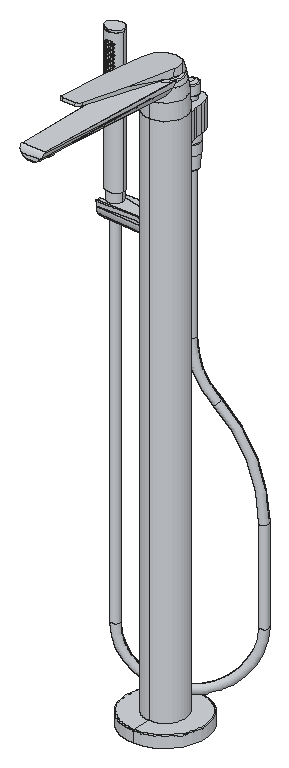
Revit family "Faucet-Bath_Filler-KOHLER-Avid-K-T97367", category Plumbing Fixtures, host Face, Revit 2015 (continued)
Definition of nested family "K-T97367"
  Lines and regions (in)
    symbolic lines, detail levels medium+fine
      curve 129: line (0, 0.634, 27.05701) -> (0, 0.63139, 26.95575)
      curve 130: arc (0, 0.60516, 27.08768) -> (0, 0.62588, 27.07827) -> (0, 0.634, 27.05701) r 0.02992
      curve 131: arc (0, -0.634, 27.05712) -> (0, -0.62592, 27.0783) -> (0, -0.60527, 27.08768) r 0.02981
      curve 132: arc (0, 0.21895, 25.97179) -> (0, 0.34376, 26.02891) -> (0, 0.45484, 26.10956) r 0.69138
      curve 133: arc (0, -0.45484, 26.10956) -> (0, -0.37228, 26.0468) -> (0, -0.28105, 25.99748) r 0.67229
      curve 134: arc (0, 0.21895, 4.45381) -> (0, 0.29361, 3.54144) -> (0, 0.51562, 2.65335) r 5.61167
      curve 135: arc (0, 0.51562, 2.65335) -> (0, 0.72771, 2.17245) -> (0, 1.02136, 1.73656) r 2.96522
      curve 136: arc (0, 1.02136, 1.73656) -> (0, 1.09868, 1.64689) -> (0, 1.18123, 1.56202) r 1.97502
      curve 137: arc (0, -0.28105, 4.46096) -> (0, -0.26789, 4.05177) -> (0, -0.22846, 3.64428) r 6.36707
      curve 138: arc (0, -0.22846, 3.64428) -> (0, -0.10387, 2.9892) -> (0, 0.09738, 2.35347) r 5.62381
      curve 139: arc (0, 0.09738, 2.35347) -> (0, 0.25346, 2.00488) -> (0, 0.44693, 1.67556) r 3.46856
      curve 140: arc (0, 0.44693, 1.67556) -> (0, 0.58974, 1.47733) -> (0, 0.74723, 1.29053) r 3.2095
      curve 141: arc (0, 0.74723, 1.29053) -> (0, 0.95088, 1.09834) -> (0, 1.18123, 0.93912) r 1.84838
      curve 142: line (0, 0.26399, 26.10854) -> (0, 0.26399, 27.08768)
      curve 143: line (0, -0.34222, 26.15336) -> (0, -0.34222, 27.08768)
      curve 144: line (0, -0.28105, 27.08768) -> (0, -1.18123, 27.08768)
      curve 145: line (0, 0.48089, 35.53402) -> (0, 0.48089, 32.59566)
      curve 146: line (0, 0.48089, 32.59566) -> (0, 0.45015, 32.59566)
      curve 147: line (0, 0.45015, 32.59566) -> (0, 0.45015, 32.54195)
      curve 148: line (0, 0.45015, 32.54195) -> (0, 0.48089, 32.54195)
      curve 149: line (0, 0.48089, 32.54195) -> (0, 0.48089, 27.7862)
      curve 150: line (0, 0.48089, 27.7862) -> (0, 0.44852, 27.7862)
      curve 151: line (0, 0.44852, 27.7862) -> (0, 0.44852, 27.08768)
      curve 152: line (0, -0.48089, 33.08118) -> (0, -0.48089, 32.59566)
      curve 153: line (0, -0.48089, 32.59566) -> (0, -0.45015, 32.59566)
      curve 154: line (0, -0.45015, 32.59566) -> (0, -0.45015, 32.54195)
      curve 155: line (0, -0.45015, 32.54195) -> (0, -0.48089, 32.54195)
      curve 156: line (0, -0.48089, 32.54195) -> (0, -0.48089, 27.7862)
      curve 157: line (0, -0.48089, 27.7862) -> (0, -0.44852, 27.7862)
      curve 158: line (0, -0.44852, 27.7862) -> (0, -0.44852, 27.08768)
      curve 159: line (0, 0.21895, 27.08768) -> (0, -0.28105, 27.08768)
      curve 160: line (0, 0.44852, 27.7862) -> (0, -0.44852, 27.7862)
      curve 161: line (0, 0.70451, 35.07624) -> (0, 0.48089, 35.11484)
      curve 162: line (0, -0.62031, 35.30493) -> (0, -0.52095, 35.28778)
      curve 163: line (0, 0.45015, 32.59566) -> (0, -0.45015, 32.59566)
      curve 164: line (0, 0.45015, 32.54195) -> (0, -0.45015, 32.54195)
      curve 165: line (0, 0.44805, 36.28316) -> (0, -0.44805, 36.28316)
      curve 166: line (0, 0.44805, 36.22945) -> (0, -0.44805, 36.22945)
      curve 167: line (0, 0.73702, 34.95551) -> (0, 0.48089, 34.99972)
      curve 168: line (0, -0.73702, 34.95551) -> (0, -0.52095, 34.95551)
      curve 169: spline (0, -0.48719, 35.73045) -> (0, -0.48766, 35.74714) -> (0, -0.48878, 35.76265) -> (0, -0.49047, 35.77596) -> (0, -0.49263, 35.78616) -> (0, -0.4951, 35.79257) -> (0, -0.49772, 35.79476) -> (0, -0.50032, 35.79259) -> (0, -0.50272, 35.7862) -> (0, -0.50476, 35.77602) -> (0, -0.5063, 35.76273) -> (0, -0.50724, 35.74722) -> (0, -0.50752, 35.73054)
      curve 170: spline (0, -0.50752, 35.73054) -> (0, -0.50718, 35.71385) -> (0, -0.50618, 35.69832) -> (0, -0.50459, 35.68501) -> (0, -0.50252, 35.6748) -> (0, -0.50009, 35.66839) -> (0, -0.49748, 35.66619) -> (0, -0.49487, 35.66836) -> (0, -0.49242, 35.67476) -> (0, -0.4903, 35.68495) -> (0, -0.48866, 35.69825) -> (0, -0.4876, 35.71376) -> (0, -0.48719, 35.73045)
      curve 171: spline (0, -0.45089, 35.62973) -> (0, -0.45198, 35.64682) -> (0, -0.45434, 35.66261) -> (0, -0.45782, 35.67608) -> (0, -0.4622, 35.68637) -> (0, -0.4672, 35.69282) -> (0, -0.47249, 35.69501) -> (0, -0.47774, 35.69281) -> (0, -0.48261, 35.68635) -> (0, -0.48679, 35.67606) -> (0, -0.49001, 35.66258) -> (0, -0.49206, 35.64679) -> (0, -0.49282, 35.6297)
      curve 172: spline (0, -0.49282, 35.6297) -> (0, -0.49189, 35.61263) -> (0, -0.48968, 35.59687) -> (0, -0.48633, 35.58343) -> (0, -0.48205, 35.57316) -> (0, -0.47712, 35.56673) -> (0, -0.47185, 35.56454) -> (0, -0.46659, 35.56674) -> (0, -0.46166, 35.57318) -> (0, -0.45738, 35.58345) -> (0, -0.45403, 35.5969) -> (0, -0.45182, 35.61266) -> (0, -0.45089, 35.62973)
      curve 173: spline (0, -0.48719, 35.53398) -> (0, -0.48766, 35.55066) -> (0, -0.48878, 35.56618) -> (0, -0.49047, 35.57948) -> (0, -0.49263, 35.58968) -> (0, -0.4951, 35.5961) -> (0, -0.49772, 35.59829) -> (0, -0.50032, 35.59612) -> (0, -0.50272, 35.58973) -> (0, -0.50476, 35.57954) -> (0, -0.5063, 35.56625) -> (0, -0.50724, 35.55075) -> (0, -0.50752, 35.53407)
      curve 174: spline (0, -0.50752, 35.53407) -> (0, -0.50718, 35.51737) -> (0, -0.50618, 35.50185) -> (0, -0.50459, 35.48854) -> (0, -0.50252, 35.47833) -> (0, -0.50009, 35.47191) -> (0, -0.49748, 35.46972) -> (0, -0.49487, 35.47189) -> (0, -0.49242, 35.47828) -> (0, -0.4903, 35.48847) -> (0, -0.48866, 35.50177) -> (0, -0.4876, 35.51729) -> (0, -0.48719, 35.53398)
      curve 175: spline (0, -0.4932, 35.43048) -> (0, -0.49228, 35.44754) -> (0, -0.49009, 35.4633) -> (0, -0.48677, 35.47674) -> (0, -0.48254, 35.487) -> (0, -0.47765, 35.49344) -> (0, -0.47243, 35.49562) -> (0, -0.46721, 35.49343) -> (0, -0.46232, 35.48698) -> (0, -0.45808, 35.47671) -> (0, -0.45476, 35.46326) -> (0, -0.45257, 35.4475) -> (0, -0.45165, 35.43044)
      curve 176: spline (0, -0.45165, 35.43044) -> (0, -0.45273, 35.41335) -> (0, -0.45506, 35.39757) -> (0, -0.45852, 35.3841) -> (0, -0.46286, 35.37381) -> (0, -0.46781, 35.36736) -> (0, -0.47306, 35.36517) -> (0, -0.47826, 35.36737) -> (0, -0.48309, 35.37383) -> (0, -0.48723, 35.38412) -> (0, -0.49042, 35.3976) -> (0, -0.49245, 35.41339) -> (0, -0.4932, 35.43048)
      curve 177: spline (0, -0.48719, 35.33341) -> (0, -0.48766, 35.3501) -> (0, -0.48878, 35.36561) -> (0, -0.49047, 35.37892) -> (0, -0.49263, 35.38912) -> (0, -0.4951, 35.39553) -> (0, -0.49772, 35.39772) -> (0, -0.50032, 35.39555) -> (0, -0.50272, 35.38916) -> (0, -0.50476, 35.37898) -> (0, -0.5063, 35.36569) -> (0, -0.50724, 35.35018) -> (0, -0.50752, 35.3335)
      curve 178: spline (0, -0.50752, 35.3335) -> (0, -0.50718, 35.31681) -> (0, -0.50618, 35.30128) -> (0, -0.50459, 35.28797) -> (0, -0.50252, 35.27776) -> (0, -0.50009, 35.27135) -> (0, -0.49748, 35.26915) -> (0, -0.49487, 35.27132) -> (0, -0.49242, 35.27772) -> (0, -0.4903, 35.28791) -> (0, -0.48866, 35.30121) -> (0, -0.4876, 35.31672) -> (0, -0.48719, 35.33341)
      curve 179: spline (0, -0.4917, 35.21485) -> (0, -0.49223, 35.23307) -> (0, -0.49128, 35.2511) -> (0, -0.48891, 35.26765) -> (0, -0.48529, 35.28154) -> (0, -0.48069, 35.29178) -> (0, -0.47542, 35.29763) -> (0, -0.46987, 35.29869) -> (0, -0.46444, 35.29487) -> (0, -0.4595, 35.28644) -> (0, -0.45542, 35.27401) -> (0, -0.45248, 35.25847) -> (0, -0.4509, 35.24092)
      curve 180: spline (0, -0.4917, 35.21485) -> (0, -0.48952, 35.20017) -> (0, -0.48634, 35.18758) -> (0, -0.48234, 35.17781) -> (0, -0.47774, 35.17141) -> (0, -0.47281, 35.16873) -> (0, -0.46783, 35.16994) -> (0, -0.46307, 35.17495) -> (0, -0.45882, 35.1835) -> (0, -0.4553, 35.19509) -> (0, -0.45272, 35.20907) -> (0, -0.45122, 35.22464) -> (0, -0.4509, 35.24092)
      curve 181: spline (0, -0.48719, 35.13242) -> (0, -0.48766, 35.1491) -> (0, -0.48878, 35.16462) -> (0, -0.49047, 35.17792) -> (0, -0.49263, 35.18812) -> (0, -0.4951, 35.19454) -> (0, -0.49772, 35.19673) -> (0, -0.50032, 35.19456) -> (0, -0.50272, 35.18817) -> (0, -0.50476, 35.17799) -> (0, -0.5063, 35.1647) -> (0, -0.50724, 35.14919) -> (0, -0.50752, 35.13251)
      curve 182: spline (0, -0.50752, 35.13251) -> (0, -0.50718, 35.11581) -> (0, -0.50618, 35.10029) -> (0, -0.50459, 35.08698) -> (0, -0.50252, 35.07677) -> (0, -0.50009, 35.07035) -> (0, -0.49748, 35.06816) -> (0, -0.49487, 35.07033) -> (0, -0.49242, 35.07673) -> (0, -0.4903, 35.08692) -> (0, -0.48866, 35.10021) -> (0, -0.4876, 35.11573) -> (0, -0.48719, 35.13242)
      curve 183: spline (0, -0.49247, 35.03707) -> (0, -0.49155, 35.0542) -> (0, -0.48935, 35.07002) -> (0, -0.48601, 35.08349) -> (0, -0.48174, 35.09376) -> (0, -0.47683, 35.10015) -> (0, -0.47159, 35.10226) -> (0, -0.46635, 35.09996) -> (0, -0.46146, 35.09338) -> (0, -0.45722, 35.08296) -> (0, -0.45393, 35.06936) -> (0, -0.45178, 35.05347) -> (0, -0.45091, 35.0363)
      curve 184: spline (0, -0.49282, 35.03723) -> (0, -0.4919, 35.02024) -> (0, -0.48971, 35.00453) -> (0, -0.48638, 34.9911) -> (0, -0.48214, 34.98082) -> (0, -0.47724, 34.97433) -> (0, -0.472, 34.97204) -> (0, -0.46675, 34.9741) -> (0, -0.46183, 34.98037) -> (0, -0.45754, 34.99046) -> (0, -0.45416, 35.00374) -> (0, -0.4519, 35.01935) -> (0, -0.45091, 35.0363)
      curve 185: spline (0, -0.48719, 34.93629) -> (0, -0.48766, 34.95298) -> (0, -0.48878, 34.9685) -> (0, -0.49047, 34.9818) -> (0, -0.49263, 34.992) -> (0, -0.4951, 34.99841) -> (0, -0.49772, 35.00061) -> (0, -0.50032, 34.99844) -> (0, -0.50272, 34.99204) -> (0, -0.50476, 34.98186) -> (0, -0.5063, 34.96857) -> (0, -0.50724, 34.95307) -> (0, -0.50752, 34.93638)
      curve 186: spline (0, -0.50752, 34.93638) -> (0, -0.50718, 34.91969) -> (0, -0.50618, 34.90417) -> (0, -0.50459, 34.89085) -> (0, -0.50252, 34.88065) -> (0, -0.50009, 34.87423) -> (0, -0.49748, 34.87203) -> (0, -0.49487, 34.87421) -> (0, -0.49242, 34.8806) -> (0, -0.4903, 34.89079) -> (0, -0.48866, 34.90409) -> (0, -0.4876, 34.9196) -> (0, -0.48719, 34.93629)
      curve 187: spline (0, -0.4917, 34.8177) -> (0, -0.49223, 34.83591) -> (0, -0.49128, 34.85394) -> (0, -0.48891, 34.87049) -> (0, -0.48529, 34.88439) -> (0, -0.48069, 34.89463) -> (0, -0.47542, 34.90048) -> (0, -0.46987, 34.90154) -> (0, -0.46444, 34.89771) -> (0, -0.4595, 34.88929) -> (0, -0.45542, 34.87686) -> (0, -0.45248, 34.86132) -> (0, -0.4509, 34.84377)
      curve 188: spline (0, -0.4917, 34.8177) -> (0, -0.48952, 34.80301) -> (0, -0.48634, 34.79043) -> (0, -0.48234, 34.78066) -> (0, -0.47774, 34.77425) -> (0, -0.47281, 34.77158) -> (0, -0.46783, 34.77278) -> (0, -0.46307, 34.7778) -> (0, -0.45882, 34.78635) -> (0, -0.4553, 34.79794) -> (0, -0.45272, 34.81192) -> (0, -0.45122, 34.82749) -> (0, -0.4509, 34.84377)
      curve 189: spline (0, -0.48719, 34.73633) -> (0, -0.48766, 34.75301) -> (0, -0.48878, 34.76853) -> (0, -0.49047, 34.78183) -> (0, -0.49263, 34.79203) -> (0, -0.4951, 34.79845) -> (0, -0.49772, 34.80064) -> (0, -0.50032, 34.79847) -> (0, -0.50272, 34.79208) -> (0, -0.50476, 34.7819) -> (0, -0.5063, 34.76861) -> (0, -0.50724, 34.7531) -> (0, -0.50752, 34.73642)
      curve 190: spline (0, -0.50752, 34.73642) -> (0, -0.50718, 34.71972) -> (0, -0.50618, 34.7042) -> (0, -0.50459, 34.69089) -> (0, -0.50252, 34.68068) -> (0, -0.50009, 34.67426) -> (0, -0.49748, 34.67207) -> (0, -0.49487, 34.67424) -> (0, -0.49242, 34.68064) -> (0, -0.4903, 34.69082) -> (0, -0.48866, 34.70412) -> (0, -0.4876, 34.71964) -> (0, -0.48719, 34.73633)
      curve 191: spline (0, -0.4917, 34.6196) -> (0, -0.49223, 34.63782) -> (0, -0.49128, 34.65585) -> (0, -0.48891, 34.6724) -> (0, -0.48529, 34.68629) -> (0, -0.48069, 34.69653) -> (0, -0.47542, 34.70239) -> (0, -0.46987, 34.70344) -> (0, -0.46444, 34.69962) -> (0, -0.4595, 34.69119) -> (0, -0.45542, 34.67876) -> (0, -0.45248, 34.66322) -> (0, -0.4509, 34.64568)
      curve 192: spline (0, -0.4917, 34.6196) -> (0, -0.48952, 34.60492) -> (0, -0.48634, 34.59233) -> (0, -0.48234, 34.58256) -> (0, -0.47774, 34.57616) -> (0, -0.47281, 34.57348) -> (0, -0.46783, 34.57469) -> (0, -0.46307, 34.57971) -> (0, -0.45882, 34.58825) -> (0, -0.4553, 34.59984) -> (0, -0.45272, 34.61382) -> (0, -0.45122, 34.62939) -> (0, -0.4509, 34.64568)
      curve 193: spline (0, -0.48719, 34.53957) -> (0, -0.48766, 34.55626) -> (0, -0.48878, 34.57177) -> (0, -0.49047, 34.58508) -> (0, -0.49263, 34.59528) -> (0, -0.4951, 34.60169) -> (0, -0.49772, 34.60389) -> (0, -0.50032, 34.60171) -> (0, -0.50272, 34.59532) -> (0, -0.50476, 34.58514) -> (0, -0.5063, 34.57185) -> (0, -0.50724, 34.55634) -> (0, -0.50752, 34.53966)
      curve 194: spline (0, -0.50752, 34.53966) -> (0, -0.50718, 34.52297) -> (0, -0.50618, 34.50745) -> (0, -0.50459, 34.49413) -> (0, -0.50252, 34.48393) -> (0, -0.50009, 34.47751) -> (0, -0.49748, 34.47531) -> (0, -0.49487, 34.47749) -> (0, -0.49242, 34.48388) -> (0, -0.4903, 34.49407) -> (0, -0.48866, 34.50737) -> (0, -0.4876, 34.52288) -> (0, -0.48719, 34.53957)
      curve 195: spline (0, -0.4932, 34.44045) -> (0, -0.49228, 34.45752) -> (0, -0.4901, 34.47328) -> (0, -0.48678, 34.48673) -> (0, -0.48254, 34.49701) -> (0, -0.47765, 34.50345) -> (0, -0.47243, 34.50564) -> (0, -0.46721, 34.50344) -> (0, -0.46232, 34.497) -> (0, -0.45808, 34.48672) -> (0, -0.45476, 34.47327) -> (0, -0.45257, 34.4575) -> (0, -0.45165, 34.44043)
      curve 196: spline (0, -0.49282, 34.44061) -> (0, -0.49189, 34.42353) -> (0, -0.48968, 34.40777) -> (0, -0.48633, 34.39431) -> (0, -0.48205, 34.38404) -> (0, -0.47712, 34.3776) -> (0, -0.47186, 34.37541) -> (0, -0.46659, 34.37761) -> (0, -0.46166, 34.38405) -> (0, -0.45738, 34.39433) -> (0, -0.45403, 34.40778) -> (0, -0.45182, 34.42355) -> (0, -0.45089, 34.44063)
      curve 197: spline (0, -0.48719, 34.34295) -> (0, -0.48766, 34.35963) -> (0, -0.48878, 34.37515) -> (0, -0.49047, 34.38845) -> (0, -0.49263, 34.39865) -> (0, -0.4951, 34.40506) -> (0, -0.49772, 34.40726) -> (0, -0.50032, 34.40509) -> (0, -0.50272, 34.3987) -> (0, -0.50476, 34.38851) -> (0, -0.5063, 34.37522) -> (0, -0.50724, 34.35972) -> (0, -0.50752, 34.34303)
      curve 198: spline (0, -0.50752, 34.34303) -> (0, -0.50718, 34.32634) -> (0, -0.50618, 34.31082) -> (0, -0.50459, 34.29751) -> (0, -0.50252, 34.2873) -> (0, -0.50009, 34.28088) -> (0, -0.49748, 34.27869) -> (0, -0.49487, 34.28086) -> (0, -0.49242, 34.28725) -> (0, -0.4903, 34.29744) -> (0, -0.48866, 34.31074) -> (0, -0.4876, 34.32626) -> (0, -0.48719, 34.34295)
      curve 199: spline (0, -0.45089, 34.23902) -> (0, -0.45198, 34.25611) -> (0, -0.45434, 34.2719) -> (0, -0.45782, 34.28537) -> (0, -0.4622, 34.29565) -> (0, -0.4672, 34.3021) -> (0, -0.47249, 34.30429) -> (0, -0.47774, 34.30209) -> (0, -0.48261, 34.29564) -> (0, -0.48679, 34.28534) -> (0, -0.49001, 34.27186) -> (0, -0.49206, 34.25607) -> (0, -0.49282, 34.23898)
      curve 200: spline (0, -0.49282, 34.23898) -> (0, -0.49189, 34.22191) -> (0, -0.48968, 34.20615) -> (0, -0.48633, 34.19271) -> (0, -0.48205, 34.18245) -> (0, -0.47712, 34.17601) -> (0, -0.47185, 34.17383) -> (0, -0.46659, 34.17602) -> (0, -0.46166, 34.18246) -> (0, -0.45738, 34.19274) -> (0, -0.45403, 34.20618) -> (0, -0.45182, 34.22195) -> (0, -0.45089, 34.23902)
      curve 201: spline (0, -0.48719, 34.14166) -> (0, -0.48766, 34.15834) -> (0, -0.48878, 34.17386) -> (0, -0.49047, 34.18716) -> (0, -0.49263, 34.19736) -> (0, -0.4951, 34.20377) -> (0, -0.49772, 34.20597) -> (0, -0.50032, 34.2038) -> (0, -0.50272, 34.19741) -> (0, -0.50476, 34.18722) -> (0, -0.5063, 34.17393) -> (0, -0.50724, 34.15843) -> (0, -0.50752, 34.14175)
      curve 202: spline (0, -0.50752, 34.14175) -> (0, -0.50718, 34.12505) -> (0, -0.50618, 34.10953) -> (0, -0.50459, 34.09622) -> (0, -0.50252, 34.08601) -> (0, -0.50009, 34.07959) -> (0, -0.49748, 34.0774) -> (0, -0.49487, 34.07957) -> (0, -0.49242, 34.08596) -> (0, -0.4903, 34.09615) -> (0, -0.48866, 34.10945) -> (0, -0.4876, 34.12497) -> (0, -0.48719, 34.14166)
      curve 203: spline (0, -0.45089, 34.03954) -> (0, -0.45198, 34.05664) -> (0, -0.45434, 34.07242) -> (0, -0.45782, 34.08589) -> (0, -0.4622, 34.09618) -> (0, -0.4672, 34.10263) -> (0, -0.47249, 34.10482) -> (0, -0.47774, 34.10262) -> (0, -0.48261, 34.09616) -> (0, -0.48679, 34.08587) -> (0, -0.49001, 34.07239) -> (0, -0.49206, 34.0566) -> (0, -0.49282, 34.03951)
      curve 204: spline (0, -0.49282, 34.03951) -> (0, -0.49189, 34.02244) -> (0, -0.48968, 34.00668) -> (0, -0.48633, 33.99324) -> (0, -0.48205, 33.98297) -> (0, -0.47712, 33.97654) -> (0, -0.47185, 33.97435) -> (0, -0.46659, 33.97655) -> (0, -0.46166, 33.98299) -> (0, -0.45738, 33.99326) -> (0, -0.45403, 34.00671) -> (0, -0.45182, 34.02247) -> (0, -0.45089, 34.03954)
      curve 205: spline (0, -0.48719, 33.94461) -> (0, -0.48766, 33.9613) -> (0, -0.48878, 33.97682) -> (0, -0.49047, 33.99012) -> (0, -0.49263, 34.00032) -> (0, -0.4951, 34.00673) -> (0, -0.49772, 34.00893) -> (0, -0.50032, 34.00676) -> (0, -0.50272, 34.00036) -> (0, -0.50476, 33.99018) -> (0, -0.5063, 33.97689) -> (0, -0.50724, 33.96139) -> (0, -0.50752, 33.9447)
      curve 206: spline (0, -0.50752, 33.9447) -> (0, -0.50718, 33.92801) -> (0, -0.50618, 33.91249) -> (0, -0.50459, 33.89917) -> (0, -0.50252, 33.88897) -> (0, -0.50009, 33.88255) -> (0, -0.49748, 33.88035) -> (0, -0.49487, 33.88253) -> (0, -0.49242, 33.88892) -> (0, -0.4903, 33.89911) -> (0, -0.48866, 33.91241) -> (0, -0.4876, 33.92792) -> (0, -0.48719, 33.94461)
      curve 207: spline (0, -0.49234, 33.82593) -> (0, -0.49226, 33.84427) -> (0, -0.4907, 33.86189) -> (0, -0.48778, 33.87751) -> (0, -0.48371, 33.89001) -> (0, -0.47877, 33.8985) -> (0, -0.47333, 33.90237) -> (0, -0.46776, 33.90134) -> (0, -0.46248, 33.89548) -> (0, -0.45786, 33.88522) -> (0, -0.45424, 33.87129) -> (0, -0.45186, 33.85469) -> (0, -0.45091, 33.83662)
      curve 208: spline (0, -0.49234, 33.82593) -> (0, -0.49068, 33.81057) -> (0, -0.48796, 33.79692) -> (0, -0.48433, 33.78575) -> (0, -0.47999, 33.7777) -> (0, -0.47519, 33.77322) -> (0, -0.47021, 33.77256) -> (0, -0.46532, 33.77577) -> (0, -0.46079, 33.78265) -> (0, -0.4569, 33.79283) -> (0, -0.45385, 33.80572) -> (0, -0.45181, 33.82059) -> (0, -0.45091, 33.83662)
      curve 209: spline (0, -0.45089, 33.64377) -> (0, -0.45198, 33.66086) -> (0, -0.45434, 33.67665) -> (0, -0.45782, 33.69012) -> (0, -0.4622, 33.70041) -> (0, -0.4672, 33.70685) -> (0, -0.47249, 33.70905) -> (0, -0.47774, 33.70684) -> (0, -0.48261, 33.70039) -> (0, -0.48679, 33.69009) -> (0, -0.49001, 33.67662) -> (0, -0.49206, 33.66082) -> (0, -0.49282, 33.64373)
      curve 210: spline (0, -0.49282, 33.64373) -> (0, -0.49189, 33.62666) -> (0, -0.48968, 33.61091) -> (0, -0.48633, 33.59746) -> (0, -0.48205, 33.5872) -> (0, -0.47712, 33.58076) -> (0, -0.47185, 33.57858) -> (0, -0.46659, 33.58077) -> (0, -0.46166, 33.58722) -> (0, -0.45738, 33.59749) -> (0, -0.45403, 33.61094) -> (0, -0.45182, 33.6267) -> (0, -0.45089, 33.64377)
      curve 211: spline (0, -0.50752, 33.74687) -> (0, -0.50718, 33.73018) -> (0, -0.50618, 33.71466) -> (0, -0.50459, 33.70134) -> (0, -0.50252, 33.69114) -> (0, -0.50009, 33.68472) -> (0, -0.49748, 33.68252) -> (0, -0.49487, 33.6847) -> (0, -0.49242, 33.69109) -> (0, -0.4903, 33.70128) -> (0, -0.48866, 33.71458) -> (0, -0.4876, 33.73009) -> (0, -0.48719, 33.74678)
      curve 212: spline (0, -0.48719, 33.74678) -> (0, -0.48766, 33.76347) -> (0, -0.48878, 33.77898) -> (0, -0.49047, 33.79229) -> (0, -0.49263, 33.80249) -> (0, -0.4951, 33.8089) -> (0, -0.49772, 33.8111) -> (0, -0.50032, 33.80892) -> (0, -0.50272, 33.80253) -> (0, -0.50476, 33.79235) -> (0, -0.5063, 33.77906) -> (0, -0.50724, 33.76355) -> (0, -0.50752, 33.74687)
      curve 213: spline (0, -0.48719, 33.54386) -> (0, -0.48766, 33.56055) -> (0, -0.48878, 33.57606) -> (0, -0.49047, 33.58937) -> (0, -0.49263, 33.59956) -> (0, -0.4951, 33.60597) -> (0, -0.49773, 33.60815) -> (0, -0.50033, 33.60597) -> (0, -0.50273, 33.59956) -> (0, -0.50476, 33.58937) -> (0, -0.5063, 33.57607) -> (0, -0.50724, 33.56055) -> (0, -0.50752, 33.54386)
      curve 214: spline (0, -0.48764, 33.54386) -> (0, -0.4881, 33.52717) -> (0, -0.48921, 33.51166) -> (0, -0.49088, 33.49836) -> (0, -0.493, 33.48816) -> (0, -0.49543, 33.48176) -> (0, -0.49801, 33.47957) -> (0, -0.50057, 33.48176) -> (0, -0.50293, 33.48816) -> (0, -0.50493, 33.49836) -> (0, -0.50644, 33.51166) -> (0, -0.50736, 33.52717) -> (0, -0.50763, 33.54386)
      curve 215: spline (0, -0.4932, 33.44704) -> (0, -0.49228, 33.4641) -> (0, -0.49009, 33.47985) -> (0, -0.48677, 33.4933) -> (0, -0.48254, 33.50356) -> (0, -0.47765, 33.50999) -> (0, -0.47243, 33.51218) -> (0, -0.46721, 33.50998) -> (0, -0.46232, 33.50354) -> (0, -0.45808, 33.49327) -> (0, -0.45476, 33.47982) -> (0, -0.45257, 33.46406) -> (0, -0.45165, 33.447)
      curve 216: spline (0, -0.45165, 33.447) -> (0, -0.45273, 33.42991) -> (0, -0.45506, 33.41413) -> (0, -0.45852, 33.40066) -> (0, -0.46286, 33.39037) -> (0, -0.46781, 33.38392) -> (0, -0.47306, 33.38173) -> (0, -0.47826, 33.38393) -> (0, -0.48309, 33.39039) -> (0, -0.48723, 33.40068) -> (0, -0.49042, 33.41416) -> (0, -0.49245, 33.42995) -> (0, -0.4932, 33.44704)
      curve 217: spline (0, -0.50767, 33.34693) -> (0, -0.50734, 33.36362) -> (0, -0.50637, 33.37914) -> (0, -0.50481, 33.39245) -> (0, -0.50278, 33.40266) -> (0, -0.50041, 33.40907) -> (0, -0.49786, 33.41127) -> (0, -0.4953, 33.40909) -> (0, -0.4929, 33.4027) -> (0, -0.49083, 33.39251) -> (0, -0.48922, 33.37921) -> (0, -0.48818, 33.3637) -> (0, -0.48779, 33.34701)
      curve 218: spline (0, -0.48779, 33.34701) -> (0, -0.48824, 33.33033) -> (0, -0.48934, 33.31481) -> (0, -0.491, 33.30151) -> (0, -0.49311, 33.29131) -> (0, -0.49553, 33.28489) -> (0, -0.49809, 33.2827) -> (0, -0.50064, 33.28487) -> (0, -0.50298, 33.29127) -> (0, -0.50498, 33.30145) -> (0, -0.50648, 33.31474) -> (0, -0.5074, 33.33025) -> (0, -0.50767, 33.34693)
      curve 219: spline (0, -0.45089, 33.24822) -> (0, -0.45198, 33.26531) -> (0, -0.45434, 33.2811) -> (0, -0.45782, 33.29457) -> (0, -0.4622, 33.30486) -> (0, -0.4672, 33.3113) -> (0, -0.47249, 33.3135) -> (0, -0.47774, 33.31129) -> (0, -0.48261, 33.30484) -> (0, -0.48679, 33.29454) -> (0, -0.49001, 33.28107) -> (0, -0.49206, 33.26527) -> (0, -0.49282, 33.24818)
      curve 220: spline (0, -0.49282, 33.24818) -> (0, -0.49189, 33.23111) -> (0, -0.48968, 33.21536) -> (0, -0.48633, 33.20191) -> (0, -0.48205, 33.19165) -> (0, -0.47712, 33.18521) -> (0, -0.47185, 33.18303) -> (0, -0.46659, 33.18522) -> (0, -0.46166, 33.19167) -> (0, -0.45738, 33.20194) -> (0, -0.45403, 33.21539) -> (0, -0.45182, 33.23115) -> (0, -0.45089, 33.24822)
      curve 221: spline (0, -0.48708, 33.15021) -> (0, -0.48755, 33.16689) -> (0, -0.48868, 33.18241) -> (0, -0.49038, 33.19571) -> (0, -0.49254, 33.20592) -> (0, -0.49502, 33.21233) -> (0, -0.49765, 33.21452) -> (0, -0.50026, 33.21235) -> (0, -0.50267, 33.20596) -> (0, -0.50472, 33.19578) -> (0, -0.50627, 33.18249) -> (0, -0.50721, 33.16698) -> (0, -0.50749, 33.1503)
      curve 222: spline (0, -0.50749, 33.1503) -> (0, -0.50715, 33.13361) -> (0, -0.50615, 33.11808) -> (0, -0.50455, 33.10477) -> (0, -0.50247, 33.09456) -> (0, -0.50003, 33.08814) -> (0, -0.49742, 33.08595) -> (0, -0.49479, 33.08812) -> (0, -0.49233, 33.09452) -> (0, -0.4902, 33.1047) -> (0, -0.48855, 33.118) -> (0, -0.48749, 33.13352) -> (0, -0.48708, 33.15021)
      curve 223: line (0, -0.47186, 33.18303) -> (0, -0.43989, 33.18303)
      curve 224: line (0, -0.47255, 33.3135) -> (0, -0.42175, 33.3135)
      curve 225: line (0, -0.47312, 33.38173) -> (0, -0.42563, 33.38173)
      curve 226: line (0, -0.47244, 33.51218) -> (0, -0.42175, 33.51218)
      curve 227: line (0, -0.47186, 33.57858) -> (0, -0.42175, 33.57858)
      curve 228: line (0, -0.47255, 33.70905) -> (0, -0.42175, 33.70905)
      curve 229: line (0, -0.47354, 33.77257) -> (0, -0.42175, 33.77235)
      curve 230: line (0, -0.47338, 33.90236) -> (0, -0.40714, 33.90258)
      curve 231: line (0, -0.47186, 33.97435) -> (0, -0.40738, 33.97435)
      curve 232: line (0, -0.47255, 34.10482) -> (0, -0.41534, 34.10482)
      curve 233: line (0, -0.47186, 34.17383) -> (0, -0.4304, 34.17383)
      curve 234: line (0, -0.47255, 34.30429) -> (0, -0.4304, 34.30429)
      curve 235: line (0, -0.47186, 34.37541) -> (0, -0.41534, 34.37541)
      curve 236: line (0, -0.47244, 34.50564) -> (0, -0.41534, 34.50564)
      curve 237: line (0, -0.47186, 34.57341) -> (0, -0.41534, 34.57341)
      curve 238: line (0, -0.46876, 34.70306) -> (0, -0.41437, 34.70364)
      curve 239: line (0, -0.47186, 34.77151) -> (0, -0.41534, 34.77151)
      curve 240: line (0, -0.46874, 34.90115) -> (0, -0.41534, 34.90174)
      curve 241: line (0, -0.47186, 34.97204) -> (0, -0.41534, 34.97204)
      curve 242: line (0, -0.4717, 35.10227) -> (0, -0.41534, 35.10227)
      curve 243: line (0, -0.47186, 35.16866) -> (0, -0.41534, 35.16866)
      curve 244: line (0, -0.46874, 35.2983) -> (0, -0.40832, 35.29889)
      curve 245: line (0, -0.47312, 35.36517) -> (0, -0.42924, 35.36517)
      curve 246: line (0, -0.47244, 35.49562) -> (0, -0.42924, 35.49562)
      curve 247: line (0, -0.47186, 35.56454) -> (0, -0.43809, 35.56454)
      curve 248: line (0, -0.47255, 35.69501) -> (0, -0.42924, 35.69501)
      curve 249: line (0, -0.52095, 35.66829) -> (0, -0.52095, 33.08118)
      curve 250: line (0, -0.52095, 33.08118) -> (0, -0.48089, 33.08118)
      curve 251: line (0, -8.52378, 34.47613) -> (0, -9.25886, 34.52071)
      curve 252: circle (-3.12095, 0, 35.73047) r 0.06418 normal (0, -1, 0)
      curve 253: circle (-2.90193, 0, 35.73047) r 0.06418 normal (0, -1, 0)
      curve 254: circle (-3.12095, 0, 35.534) r 0.06418 normal (0, -1, 0)
      curve 255: circle (-2.90193, 0, 35.534) r 0.06418 normal (0, -1, 0)
      curve 256: circle (-3.12095, 0, 35.33343) r 0.06418 normal (0, -1, 0)
      curve 257: circle (-2.90193, 0, 35.33343) r 0.06418 normal (0, -1, 0)
      curve 258: circle (-3.12095, 0, 35.13244) r 0.06418 normal (0, -1, 0)
      curve 259: circle (-2.90193, 0, 35.13244) r 0.06418 normal (0, -1, 0)
      curve 260: circle (-3.12095, 0, 34.93632) r 0.06418 normal (0, -1, 0)
      curve 261: circle (-2.90193, 0, 34.93632) r 0.06418 normal (0, -1, 0)
      curve 262: circle (-3.12095, 0, 34.73635) r 0.06418 normal (0, -1, 0)
      curve 263: circle (-2.90193, 0, 34.73635) r 0.06418 normal (0, -1, 0)
      curve 264: circle (-3.12095, 0, 34.5396) r 0.06418 normal (0, -1, 0)
      curve 265: circle (-2.90193, 0, 34.5396) r 0.06418 normal (0, -1, 0)
      curve 266: circle (-3.12095, 0, 34.34297) r 0.06418 normal (0, -1, 0)
      curve 267: circle (-2.90193, 0, 34.34297) r 0.06418 normal (0, -1, 0)
      curve 268: circle (-3.12095, 0, 34.14168) r 0.06418 normal (0, -1, 0)
      curve 269: circle (-2.90193, 0, 34.14168) r 0.06418 normal (0, -1, 0)
      curve 270: circle (-3.12095, 0, 33.94464) r 0.06418 normal (0, -1, 0)
      curve 271: circle (-2.90193, 0, 33.94464) r 0.06418 normal (0, -1, 0)
      curve 272: circle (-3.12095, 0, 33.74681) r 0.06418 normal (0, -1, 0)
      curve 273: circle (-2.90193, 0, 33.74681) r 0.06418 normal (0, -1, 0)
      curve 274: circle (-3.12095, 0, 33.54386) r 0.06418 normal (0, -1, 0)
      curve 275: circle (-2.90193, 0, 33.54386) r 0.06418 normal (0, -1, 0)
      curve 276: circle (-3.12152, 0, 33.34699) r 0.06418 normal (0, -1, 0)
      curve 277: circle (-2.9025, 0, 33.34699) r 0.06418 normal (0, -1, 0)
      curve 278: circle (-3.12137, 0, 33.15023) r 0.06418 normal (0, -1, 0)
      curve 279: circle (-2.90235, 0, 33.15023) r 0.06418 normal (0, -1, 0)
      curve 280: circle (-3.22685, 0, 35.62977) r 0.06484 normal (0, -1, 0)
      curve 281: circle (-3.01086, 0, 35.63346) r 0.06484 normal (0, -1, 0)
      curve 282: circle (-2.796, 0, 35.62955) r 0.06484 normal (0, -1, 0)
      curve 283: circle (-3.22685, 0, 35.43062) r 0.06484 normal (0, -1, 0)
      curve 284: circle (-3.01086, 0, 35.43431) r 0.06484 normal (0, -1, 0)
      curve 285: circle (-2.796, 0, 35.4304) r 0.06484 normal (0, -1, 0)
      curve 286: circle (-3.22685, 0, 35.23388) r 0.06484 normal (0, -1, 0)
      curve 287: circle (-3.01086, 0, 35.23758) r 0.06484 normal (0, -1, 0)
      curve 288: circle (-2.796, 0, 35.23367) r 0.06484 normal (0, -1, 0)
      curve 289: circle (-3.22685, 0, 35.03726) r 0.06484 normal (0, -1, 0)
      curve 290: circle (-3.01086, 0, 35.04095) r 0.06484 normal (0, -1, 0)
      curve 291: circle (-2.796, 0, 35.03705) r 0.06484 normal (0, -1, 0)
      curve 292: circle (-3.22685, 0, 34.83673) r 0.06484 normal (0, -1, 0)
      curve 293: circle (-3.01086, 0, 34.84042) r 0.06484 normal (0, -1, 0)
      curve 294: circle (-2.796, 0, 34.83652) r 0.06484 normal (0, -1, 0)
      curve 295: circle (-3.22685, 0, 34.63864) r 0.06484 normal (0, -1, 0)
      curve 296: circle (-3.01086, 0, 34.64233) r 0.06484 normal (0, -1, 0)
      curve 297: circle (-2.796, 0, 34.63842) r 0.06484 normal (0, -1, 0)
      curve 298: circle (-3.22685, 0, 34.44064) r 0.06484 normal (0, -1, 0)
      curve 299: circle (-3.01086, 0, 34.44433) r 0.06484 normal (0, -1, 0)
      curve 300: circle (-2.796, 0, 34.44042) r 0.06484 normal (0, -1, 0)
      curve 301: circle (-3.22685, 0, 34.23905) r 0.06484 normal (0, -1, 0)
      curve 302: circle (-3.01086, 0, 34.24274) r 0.06484 normal (0, -1, 0)
      curve 303: circle (-2.796, 0, 34.23884) r 0.06484 normal (0, -1, 0)
      curve 304: circle (-3.22685, 0, 34.03958) r 0.06484 normal (0, -1, 0)
      curve 305: circle (-3.01086, 0, 34.04327) r 0.06484 normal (0, -1, 0)
      curve 306: circle (-2.796, 0, 34.03936) r 0.06484 normal (0, -1, 0)
      curve 307: circle (-3.22685, 0, 33.83758) r 0.06484 normal (0, -1, 0)
      curve 308: circle (-3.01086, 0, 33.84127) r 0.06484 normal (0, -1, 0)
      curve 309: circle (-2.796, 0, 33.83736) r 0.06484 normal (0, -1, 0)
      curve 310: circle (-3.22685, 0, 33.6438) r 0.06484 normal (0, -1, 0)
      curve 311: circle (-3.01086, 0, 33.64749) r 0.06484 normal (0, -1, 0)
      curve 312: circle (-2.796, 0, 33.64359) r 0.06484 normal (0, -1, 0)
      curve 313: circle (-3.22685, 0, 33.44718) r 0.06484 normal (0, -1, 0)
      curve 314: circle (-3.01086, 0, 33.45087) r 0.06484 normal (0, -1, 0)
      curve 315: circle (-2.796, 0, 33.44696) r 0.06484 normal (0, -1, 0)
      curve 316: circle (-3.22685, 0, 33.24825) r 0.06484 normal (0, -1, 0)
      curve 317: circle (-3.01086, 0, 33.25194) r 0.06484 normal (0, -1, 0)
      curve 318: circle (-2.796, 0, 33.24804) r 0.06484 normal (0, -1, 0)
      curve 319: line (-3.53275, 0, 32.59566) -> (-2.49803, 0, 32.59566)
      curve 320: line (-3.53275, 0, 32.54195) -> (-2.49803, 0, 32.54195)
      curve 321: line (-3.53264, 0, 36.28316) -> (-2.49882, 0, 36.28316)
      curve 322: line (-2.49882, 0, 36.22945) -> (-3.53264, 0, 36.22945)
      curve 323: line (-3.45991, 0, 27.6707) -> (-2.56277, 0, 27.6707)
      curve 324: line (-3.45991, 0, 27.08668) -> (-2.56277, 0, 27.08715)
      curve 325: arc (-3.21356, 0, 26.17694) -> (-2.95327, 0, 26.21033) -> (-2.71356, 0, 26.10357) r 0.48614
      curve 326: line (0.38019, 0, 36.4421) -> (-0.37228, 0, 36.4421)
      curve 327: spline (-0.37228, 0, 36.4421) -> (-0.401, 0, 36.44179) -> (-0.42927, 0, 36.44088) -> (-0.45664, 0, 36.43937) -> (-0.48269, 0, 36.43729) -> (-0.50701, 0, 36.43467) -> (-0.52922, 0, 36.43156) -> (-0.54897, 0, 36.428) -> (-0.56594, 0, 36.42405) -> (-0.57988, 0, 36.41977) -> (-0.59057, 0, 36.41522) -> (-0.59783, 0, 36.41048) -> (-0.60155, 0, 36.40563)
      curve 328: spline (0.60102, 0, 36.40697) -> (0.59743, 0, 36.41165) -> (0.59044, 0, 36.41621) -> (0.58015, 0, 36.42059) -> (0.56672, 0, 36.42471) -> (0.55037, 0, 36.42852) -> (0.53135, 0, 36.43195) -> (0.50996, 0, 36.43495) -> (0.48654, 0, 36.43747) -> (0.46145, 0, 36.43947) -> (0.43508, 0, 36.44092) -> (0.40785, 0, 36.4418) -> (0.38019, 0, 36.4421)
      curve 329: line (-0.60155, 0, 36.40563) -> (-0.98969, 0, 35.42336)
      curve 330: line (0.98969, 0, 35.42336) -> (0.60102, 0, 36.40697)
      curve 331: spline (1.02866, 0, 35.31631) -> (1.02566, 0, 35.32524) -> (1.02262, 0, 35.33416) -> (1.01954, 0, 35.34308) -> (1.01641, 0, 35.352) -> (1.01323, 0, 35.36092) -> (1.01, 0, 35.36984) -> (1.00673, 0, 35.37876) -> (1.00342, 0, 35.38768) -> (1.00006, 0, 35.3966) -> (0.99665, 0, 35.40552) -> (0.99319, 0, 35.41444) -> (0.98969, 0, 35.42336)
      curve 332: spline (-0.98969, 0, 35.42336) -> (-0.99319, 0, 35.41444) -> (-0.99665, 0, 35.40552) -> (-1.00006, 0, 35.3966) -> (-1.00342, 0, 35.38768) -> (-1.00673, 0, 35.37876) -> (-1.01, 0, 35.36984) -> (-1.01323, 0, 35.36092) -> (-1.01641, 0, 35.352) -> (-1.01954, 0, 35.34308) -> (-1.02262, 0, 35.33416) -> (-1.02566, 0, 35.32524) -> (-1.02866, 0, 35.31631)
      curve 333: spline (0, 0, 34.56211) -> (-0.05269, 0, 34.56375) -> (-0.10513, 0, 34.56915) -> (-0.15704, 0, 34.5783) -> (-0.20817, 0, 34.59115) -> (-0.25824, 0, 34.60762) -> (-0.30701, 0, 34.62764) -> (-0.35421, 0, 34.65111) -> (-0.39961, 0, 34.67789) -> (-0.44298, 0, 34.70785) -> (-0.48409, 0, 34.74085) -> (-0.52272, 0, 34.77671) -> (-0.55869, 0, 34.81524)
      curve 334: spline (-0.55869, 0, 34.81524) -> (-0.57198, 0, 34.8318) -> (-0.58491, 0, 34.84864) -> (-0.59744, 0, 34.86571) -> (-0.60953, 0, 34.88298) -> (-0.62117, 0, 34.9004) -> (-0.63232, 0, 34.91792) -> (-0.64296, 0, 34.93552) -> (-0.65305, 0, 34.95313) -> (-0.66258, 0, 34.97073) -> (-0.67153, 0, 34.98826) -> (-0.67986, 0, 35.00569) -> (-0.68756, 0, 35.02297)
      curve 335: spline (-0.68756, 0, 35.02297) -> (-0.69189, 0, 35.03418) -> (-0.69603, 0, 35.0452) -> (-0.69998, 0, 35.05601) -> (-0.70372, 0, 35.0666) -> (-0.70725, 0, 35.07695) -> (-0.71057, 0, 35.08704) -> (-0.71367, 0, 35.09687) -> (-0.71655, 0, 35.10642) -> (-0.71921, 0, 35.11568) -> (-0.72164, 0, 35.12463) -> (-0.72383, 0, 35.13327) -> (-0.7258, 0, 35.14158)
      curve 336: spline (-0.7258, 0, 35.14158) -> (-0.72648, 0, 35.14441) -> (-0.72702, 0, 35.14721) -> (-0.72743, 0, 35.14997) -> (-0.72769, 0, 35.15268) -> (-0.72782, 0, 35.15535) -> (-0.7278, 0, 35.15798) -> (-0.72764, 0, 35.16056) -> (-0.72734, 0, 35.16308) -> (-0.72691, 0, 35.16555) -> (-0.72633, 0, 35.16797) -> (-0.72561, 0, 35.17033) -> (-0.72475, 0, 35.17262)
      curve 337: spline (0, 0, 34.56211) -> (0.05269, 0, 34.56375) -> (0.10513, 0, 34.56915) -> (0.15704, 0, 34.5783) -> (0.20817, 0, 34.59115) -> (0.25824, 0, 34.60762) -> (0.30701, 0, 34.62764) -> (0.35421, 0, 34.65111) -> (0.39961, 0, 34.67789) -> (0.44298, 0, 34.70785) -> (0.48409, 0, 34.74085) -> (0.52272, 0, 34.77671) -> (0.55869, 0, 34.81524)
      curve 338: spline (0.55869, 0, 34.81524) -> (0.57198, 0, 34.8318) -> (0.58491, 0, 34.84864) -> (0.59744, 0, 34.86571) -> (0.60953, 0, 34.88298) -> (0.62117, 0, 34.9004) -> (0.63232, 0, 34.91792) -> (0.64296, 0, 34.93552) -> (0.65305, 0, 34.95313) -> (0.66258, 0, 34.97073) -> (0.67153, 0, 34.98826) -> (0.67986, 0, 35.00569) -> (0.68756, 0, 35.02297)
      curve 339: spline (0.68756, 0, 35.02297) -> (0.69189, 0, 35.03418) -> (0.69603, 0, 35.0452) -> (0.69998, 0, 35.05601) -> (0.70372, 0, 35.0666) -> (0.70725, 0, 35.07695) -> (0.71057, 0, 35.08704) -> (0.71367, 0, 35.09687) -> (0.71655, 0, 35.10642) -> (0.71921, 0, 35.11568) -> (0.72164, 0, 35.12463) -> (0.72383, 0, 35.13327) -> (0.7258, 0, 35.14158)
      curve 340: line (-0.77161, 0, 35.10332) -> (-0.68586, 0, 35.23016)
      curve 341: line (0.77161, 0, 35.10332) -> (0.68341, 0, 35.23377)
      curve 342: spline (-0.58835, 0, 34.19205) -> (-0.62481, 0, 34.22038) -> (-0.65931, 0, 34.25032) -> (-0.69175, 0, 34.28182) -> (-0.72206, 0, 34.31478) -> (-0.75016, 0, 34.34913) -> (-0.77598, 0, 34.38478) -> (-0.79946, 0, 34.42164) -> (-0.82053, 0, 34.45961) -> (-0.83915, 0, 34.49861) -> (-0.85526, 0, 34.53853) -> (-0.86883, 0, 34.57927) -> (-0.87983, 0, 34.62074)
      curve 343: spline (-0.88007, 0, 34.62068) -> (-0.88451, 0, 34.64048) -> (-0.88859, 0, 34.66012) -> (-0.89233, 0, 34.6796) -> (-0.89571, 0, 34.6989) -> (-0.89874, 0, 34.71802) -> (-0.90142, 0, 34.73695) -> (-0.90373, 0, 34.75569) -> (-0.90569, 0, 34.77421) -> (-0.90729, 0, 34.79252) -> (-0.90853, 0, 34.81061) -> (-0.90941, 0, 34.82847) -> (-0.90993, 0, 34.84609)
      curve 344: spline (0.00001, 0, 34.02209) -> (-0.0547, 0, 34.02194) -> (-0.10921, 0, 34.02454) -> (-0.16325, 0, 34.02987) -> (-0.21656, 0, 34.0379) -> (-0.2689, 0, 34.0486) -> (-0.32002, 0, 34.06191) -> (-0.36967, 0, 34.07778) -> (-0.41761, 0, 34.09612) -> (-0.46362, 0, 34.11685) -> (-0.50749, 0, 34.13988) -> (-0.54899, 0, 34.16508) -> (-0.58794, 0, 34.19235)
      curve 345: spline (0.61322, 0, 34.21735) -> (0.57661, 0, 34.19008) -> (0.53766, 0, 34.1646) -> (0.49652, 0, 34.14102) -> (0.45335, 0, 34.11943) -> (0.40832, 0, 34.09992) -> (0.36163, 0, 34.08256) -> (0.31345, 0, 34.06743) -> (0.26398, 0, 34.05458) -> (0.21342, 0, 34.04408) -> (0.16197, 0, 34.03595) -> (0.10983, 0, 34.03023) -> (0.05722, 0, 34.02695)
      curve 346: spline (0.05722, 0, 34.02695) -> (0.05247, 0, 34.02643) -> (0.04771, 0, 34.02595) -> (0.04295, 0, 34.02548) -> (0.03819, 0, 34.02504) -> (0.03342, 0, 34.02463) -> (0.02866, 0, 34.02423) -> (0.02389, 0, 34.02387) -> (0.01911, 0, 34.02352) -> (0.01434, 0, 34.0232) -> (0.00956, 0, 34.0229) -> (0.00478, 0, 34.02263) -> (0, 0, 34.02238)
      curve 347: spline (0.8784, 0, 34.61158) -> (0.86725, 0, 34.57251) -> (0.85398, 0, 34.5343) -> (0.83863, 0, 34.49704) -> (0.82122, 0, 34.46082) -> (0.80179, 0, 34.4257) -> (0.7804, 0, 34.39177) -> (0.75708, 0, 34.3591) -> (0.73189, 0, 34.32777) -> (0.70488, 0, 34.29784) -> (0.67611, 0, 34.26938) -> (0.64564, 0, 34.24245) -> (0.61355, 0, 34.21711)
      curve 348: line (-0.88564, 0, 34.93218) -> (-0.90248, 0, 34.90721)
      curve 349: spline (-0.90848, 0, 34.89953) -> (-0.90815, 0, 34.90015) -> (-0.90779, 0, 34.90077) -> (-0.90739, 0, 34.90141) -> (-0.90696, 0, 34.90205) -> (-0.90649, 0, 34.9027) -> (-0.906, 0, 34.90335) -> (-0.90548, 0, 34.904) -> (-0.90492, 0, 34.90465) -> (-0.90435, 0, 34.9053) -> (-0.90375, 0, 34.90594) -> (-0.90312, 0, 34.90658) -> (-0.90248, 0, 34.90721)
      curve 350: spline (-0.90993, 0, 34.84609) -> (-0.91004, 0, 34.85054) -> (-0.91011, 0, 34.85499) -> (-0.91013, 0, 34.85944) -> (-0.91011, 0, 34.86389) -> (-0.91005, 0, 34.86834) -> (-0.90995, 0, 34.8728) -> (-0.90981, 0, 34.87725) -> (-0.90963, 0, 34.88171) -> (-0.9094, 0, 34.88616) -> (-0.90914, 0, 34.89062) -> (-0.90883, 0, 34.89508) -> (-0.90848, 0, 34.89953)
      curve 351: line (0.88168, 0, 34.93804) -> (0.90248, 0, 34.90721)
      curve 352: spline (0.88007, 0, 34.62068) -> (0.88451, 0, 34.64048) -> (0.88859, 0, 34.66012) -> (0.89233, 0, 34.6796) -> (0.89571, 0, 34.6989) -> (0.89874, 0, 34.71802) -> (0.90142, 0, 34.73695) -> (0.90373, 0, 34.75569) -> (0.90569, 0, 34.77421) -> (0.90729, 0, 34.79252) -> (0.90853, 0, 34.81061) -> (0.90941, 0, 34.82847) -> (0.90993, 0, 34.84609)
      curve 353: line (0.88168, 0, 34.93804) -> (0.90248, 0, 34.90721)
      curve 354: spline (0.90848, 0, 34.89953) -> (0.90815, 0, 34.90015) -> (0.90779, 0, 34.90077) -> (0.90739, 0, 34.90141) -> (0.90696, 0, 34.90205) -> (0.90649, 0, 34.9027) -> (0.906, 0, 34.90335) -> (0.90548, 0, 34.904) -> (0.90492, 0, 34.90465) -> (0.90435, 0, 34.9053) -> (0.90375, 0, 34.90594) -> (0.90312, 0, 34.90658) -> (0.90248, 0, 34.90721)
      curve 355: spline (0.90993, 0, 34.84609) -> (0.91004, 0, 34.85054) -> (0.91011, 0, 34.85499) -> (0.91013, 0, 34.85944) -> (0.91011, 0, 34.86389) -> (0.91005, 0, 34.86834) -> (0.90995, 0, 34.8728) -> (0.90981, 0, 34.87725) -> (0.90963, 0, 34.88171) -> (0.9094, 0, 34.88616) -> (0.90914, 0, 34.89062) -> (0.90883, 0, 34.89508) -> (0.90848, 0, 34.89953)
      curve 356: line (-1.18123, 0, 1.52583) -> (-1.18123, 0, 0.96763)
      curve 357: line (1.18123, 0, 1.62) -> (1.18123, 0, 1.04026)
      curve 358: line (1.18123, 0, 16.66951) -> (1.18123, 0, 15.65232)
      curve 359: line (-3.21356, 0, 26.07422) -> (-2.71356, 0, 26.07422)
      curve 360: line (-3.21356, 0, 25.57422) -> (-2.71356, 0, 25.57422)
      curve 361: line (-3.21356, 0, 25.07422) -> (-2.71356, 0, 25.07422)
      curve 362: line (-3.21356, 0, 24.57422) -> (-2.71356, 0, 24.57422)
      curve 363: line (-3.21356, 0, 24.07422) -> (-2.71356, 0, 24.07422)
      curve 364: line (-3.21356, 0, 23.57422) -> (-2.71356, 0, 23.57422)
      curve 365: line (-3.21356, 0, 23.07422) -> (-2.71356, 0, 23.07422)
      curve 366: line (-3.21356, 0, 22.57422) -> (-2.71356, 0, 22.57422)
      curve 367: line (-3.21356, 0, 22.07422) -> (-2.71356, 0, 22.07422)
      curve 368: line (-3.21356, 0, 21.57422) -> (-2.71356, 0, 21.57422)
      curve 369: line (-3.21356, 0, 21.07422) -> (-2.71356, 0, 21.07422)
      curve 370: line (-3.21356, 0, 20.57422) -> (-2.71356, 0, 20.57422)
      curve 371: line (-3.21356, 0, 20.07422) -> (-2.71356, 0, 20.07422)
      curve 372: line (-3.21356, 0, 19.57422) -> (-2.71356, 0, 19.57422)
      curve 373: line (-3.21356, 0, 19.07422) -> (-2.71356, 0, 19.07422)
      curve 374: line (-3.21356, 0, 18.57422) -> (-2.71356, 0, 18.57422)
      curve 375: line (-3.21356, 0, 18.07422) -> (-2.71356, 0, 18.07422)
      curve 376: line (-3.21356, 0, 17.57422) -> (-2.71356, 0, 17.57422)
      curve 377: line (-3.21356, 0, 17.07422) -> (-2.71356, 0, 17.07422)
      curve 378: line (-3.21356, 0, 16.57422) -> (-2.71356, 0, 16.57422)
      curve 379: line (-3.21356, 0, 16.07422) -> (-2.71356, 0, 16.07422)
      curve 380: line (-3.21356, 0, 15.57422) -> (-2.71356, 0, 15.57422)
      curve 381: line (-3.21356, 0, 15.07422) -> (-2.71356, 0, 15.07422)
      curve 382: line (-3.21356, 0, 14.57422) -> (-2.71356, 0, 14.57422)
      curve 383: line (-3.21356, 0, 14.07422) -> (-2.71356, 0, 14.07422)
      curve 384: line (-3.21356, 0, 13.57422) -> (-2.71356, 0, 13.57422)
      curve 385: line (-3.21356, 0, 13.07422) -> (-2.71356, 0, 13.07422)
      curve 386: line (-3.21356, 0, 12.57422) -> (-2.71356, 0, 12.57422)
      curve 387: line (-3.21356, 0, 12.07422) -> (-2.71356, 0, 12.07422)
      curve 388: line (-3.21356, 0, 11.57422) -> (-2.71356, 0, 11.57422)
      curve 389: line (-3.21356, 0, 11.07422) -> (-2.71356, 0, 11.07422)
      curve 390: line (-3.21356, 0, 10.57422) -> (-2.71356, 0, 10.57422)
      curve 391: line (-3.21356, 0, 10.07422) -> (-2.71356, 0, 10.07422)
      curve 392: line (-3.21356, 0, 9.57422) -> (-2.71356, 0, 9.57422)
      curve 393: line (-3.21356, 0, 9.07422) -> (-2.71356, 0, 9.07422)
      curve 394: line (-3.21356, 0, 8.57422) -> (-2.71356, 0, 8.57422)
      curve 395: line (-3.21356, 0, 8.07422) -> (-2.71356, 0, 8.07422)
      curve 396: line (-3.21356, 0, 7.57422) -> (-2.71356, 0, 7.57422)
      curve 397: line (-3.21356, 0, 7.07422) -> (-2.71356, 0, 7.07422)
      curve 398: line (-3.21356, 0, 6.57422) -> (-2.71356, 0, 6.57422)
      curve 399: line (-3.21356, 0, 6.07422) -> (-2.71356, 0, 6.07422)
      curve 400: line (-3.21356, 0, 5.57422) -> (-2.71356, 0, 5.57422)
      curve 401: line (-3.21356, 0, 5.07422) -> (-2.71356, 0, 5.07422)
      curve 402: line (-3.21356, 0, 4.57422) -> (-2.71346, 0, 4.57422)
      curve 403: line (-3.15603, 0, 3.75701) -> (-2.65448, 0, 3.84544)
      curve 404: line (-2.94574, 0, 2.96518) -> (-2.47324, 0, 3.13716)
      curve 405: line (-2.58493, 0, 2.23231) -> (-2.16084, 0, 2.47716)
      curve 406: line (-2.23648, 0, 1.76374) -> (-1.86064, 0, 2.07911)
      curve 407: line (-1.81642, 0, 1.35699) -> (-1.49608, 0, 1.73875)
      curve 408: line (2.56902, 0, 9.98131) -> (3.06902, 0, 9.98131)
      curve 409: line (2.56902, 0, 9.48131) -> (3.06902, 0, 9.48131)
      curve 410: line (2.56902, 0, 8.98131) -> (3.06902, 0, 8.98131)
      curve 411: line (2.56902, 0, 8.48131) -> (3.06902, 0, 8.48131)
      curve 412: line (2.56902, 0, 7.98131) -> (3.06902, 0, 7.98131)
      curve 413: line (2.56902, 0, 7.48131) -> (3.06902, 0, 7.48131)
      curve 414: line (2.56902, 0, 6.98131) -> (3.06902, 0, 6.98131)
      curve 415: line (2.56902, 0, 6.48131) -> (3.06902, 0, 6.48131)
      curve 416: line (2.56902, 0, 5.98131) -> (3.06902, 0, 5.98131)
      curve 417: line (2.56902, 0, 5.48131) -> (3.06902, 0, 5.48131)
      curve 418: line (2.56902, 0, 4.98131) -> (3.06902, 0, 4.98131)
      curve 419: line (2.56902, 0, 4.48131) -> (3.06902, 0, 4.48131)
      curve 420: line (2.52886, 0, 3.87459) -> (3.01267, 0, 3.78928)
      curve 421: line (2.3891, 0, 3.28317) -> (2.84941, 0, 3.11563)
      curve 422: line (2.14941, 0, 2.72463) -> (2.58242, 0, 2.47463)
      curve 423: line (1.81497, 0, 2.21722) -> (2.2082, 0, 1.88726)
      curve 424: line (1.43427, 0, 1.8198) -> (1.76359, 0, 1.42733)
      curve 425: line (2.55173, 0, 10.5374) -> (3.05508, 0, 10.55938)
      curve 426: line (2.52048, 0, 11.09288) -> (3.01858, 0, 11.13646)
      curve 427: line (2.45741, 0, 11.64501) -> (2.96611, 0, 11.71195)
      curve 428: line (2.3718, 0, 12.19539) -> (2.87324, 0, 12.2838)
      curve 429: line (2.26063, 0, 12.74041) -> (2.75624, 0, 12.85028)
      curve 430: line (2.15296, 0, 13.20166) -> (2.63934, 0, 13.33198)
      curve 431: line (2.02166, 0, 13.65924) -> (2.49554, 0, 13.80617)
      curve 432: line (1.86999, 0, 14.1054) -> (2.3411, 0, 14.27687)
      curve 433: line (1.70225, 0, 14.54832) -> (2.16188, 0, 14.7387)
      curve 434: line (1.5151, 0, 14.98347) -> (1.96825, 0, 15.19477)
      curve 435: line (1.30493, 0, 15.40792) -> (1.75387, 0, 15.64162)
      curve 436: line (1.18123, 0, 15.88314) -> (1.52138, 0, 16.07953)
      curve 437: spline (-3.40095, -0.34221, 0) -> (-3.3175, -0.40139, 0) -> (-3.22249, -0.44524, 0) -> (-3.11955, -0.47206, 0) -> (-3.01261, -0.48085, 0) -> (-2.90577, -0.47125, 0) -> (-2.8031, -0.44365, 0) -> (-2.70853, -0.39909, 0) -> (-2.62567, -0.33927, 0) -> (-2.55768, -0.26649, 0) -> (-2.50718, -0.18352, 0) -> (-2.47609, -0.09354, 0) -> (-2.46559, 0.00002, 0)
      curve 438: spline (-2.46559, 0.00002, 0) -> (-2.47805, 0.10185, 0) -> (-2.51486, 0.19906, 0) -> (-2.57436, 0.28724, 0) -> (-2.65384, 0.3624, 0) -> (-2.7497, 0.42112, 0) -> (-2.8576, 0.46074, 0) -> (-2.97263, 0.47946, 0) -> (-3.08959, 0.47644, 0) -> (-3.20316, 0.45181, 0) -> (-3.30819, 0.40669, 0) -> (-3.39993, 0.34312, 0) -> (-3.47421, 0.26399, 0)
      curve 439: line (-3.29169, -0.45484, 0) -> (-3.29169, -0.41541, 0)
      curve 440: line (-2.73116, -0.45484, 0) -> (-2.73116, -0.41171, 0)
      curve 441: line (-3.18554, -0.49146, 0) -> (-3.18554, -0.45709, 0)
      curve 442: line (-3.05658, -0.51204, 0) -> (-3.05658, -0.47947, 0)
      curve 443: line (-2.83836, -0.45441, 0) -> (-2.83836, -0.49173, 0)
      curve 444: arc (-3.29169, -0.45484, 0) -> (-3.01143, -0.5135, 0) -> (-2.73116, -0.45484, 0) r 0.6989
      curve 445: line (-2.96611, -0.47895, 0) -> (-2.96611, -0.51203, 0)
      curve 446: line (-0.9287, -2.1859, 0) -> (-1.02599, -0.72814, 0)
      curve 447: spline (-0.98132, 0.10382, 0) -> (-0.91496, 0.32224, 0) -> (-0.79928, 0.51969, 0) -> (-0.64051, 0.68552, 0) -> (-0.44721, 0.81081, 0) -> (-0.2298, 0.88879, 0) -> (0, 0.91526, 0) -> (0.2298, 0.88879, 0) -> (0.44721, 0.81081, 0) -> (0.64051, 0.68552, 0) -> (0.79928, 0.51969, 0) -> (0.91496, 0.32224, 0) -> (0.98132, 0.10382, 0)
      curve 448: spline (-1.02599, -0.72814, 0) -> (-1.03013, -0.65867, 0) -> (-1.03284, -0.58912, 0) -> (-1.03412, -0.51953, 0) -> (-1.03396, -0.44993, 0) -> (-1.03238, -0.38035, 0) -> (-1.02936, -0.31082, 0) -> (-1.02492, -0.24136, 0) -> (-1.01904, -0.172, 0) -> (-1.01174, -0.10278, 0) -> (-1.00302, -0.03371, 0) -> (-0.99288, 0.03516, 0) -> (-0.98132, 0.10382, 0)
      curve 449: spline (0.98132, 0.10382, 0) -> (0.99233, 0.03862, 0) -> (1.00206, -0.02678, 0) -> (1.01052, -0.09235, 0) -> (1.01769, -0.15807, 0) -> (1.02357, -0.22391, 0) -> (1.02817, -0.28986, 0) -> (1.03148, -0.35587, 0) -> (1.0335, -0.42194, 0) -> (1.03422, -0.48804, 0) -> (1.03366, -0.55413, 0) -> (1.0318, -0.62021, 0) -> (1.02866, -0.68623, 0)
      curve 450: spline (1.02866, -0.68623, 0) -> (1.02566, -0.73792, 0) -> (1.02262, -0.78961, 0) -> (1.01954, -0.84129, 0) -> (1.01641, -0.89297, 0) -> (1.01323, -0.94465, 0) -> (1.01, -0.99633, 0) -> (1.00673, -1.048, 0) -> (1.00342, -1.09967, 0) -> (1.00006, -1.15134, 0) -> (0.99665, -1.203, 0) -> (0.99319, -1.25466, 0) -> (0.98969, -1.30632, 0)
      curve 451: line (0.98969, -1.30632, 0) -> (0.81428, -3.83701, 0)
      curve 452: spline (-0.84174, 0.19866, 0) -> (-0.76458, 0.36385, 0) -> (-0.65485, 0.50982, 0) -> (-0.51722, 0.63035, 0) -> (-0.35756, 0.72031, 0) -> (-0.18267, 0.77587, 0) -> (0, 0.79465, 0) -> (0.18267, 0.77587, 0) -> (0.35756, 0.72031, 0) -> (0.51722, 0.63035, 0) -> (0.65485, 0.50982, 0) -> (0.76458, 0.36385, 0) -> (0.84174, 0.19866, 0)
      curve 453: spline (-0.95048, -0.55069, 0) -> (-0.95237, -0.48727, 0) -> (-0.95226, -0.42381, 0) -> (-0.95012, -0.36039, 0) -> (-0.94598, -0.29707, 0) -> (-0.93983, -0.23391, 0) -> (-0.93168, -0.17097, 0) -> (-0.92153, -0.10831, 0) -> (-0.90941, -0.04601, 0) -> (-0.89531, 0.01589, 0) -> (-0.87925, 0.07732, 0) -> (-0.86126, 0.13822, 0) -> (-0.84134, 0.19852, 0)
      curve 454: spline (0.84134, 0.19852, 0) -> (0.86126, 0.13822, 0) -> (0.87925, 0.07732, 0) -> (0.89531, 0.01589, 0) -> (0.90941, -0.04601, 0) -> (0.92153, -0.10831, 0) -> (0.93168, -0.17097, 0) -> (0.93983, -0.23391, 0) -> (0.94598, -0.29707, 0) -> (0.95012, -0.36039, 0) -> (0.95226, -0.42381, 0) -> (0.95237, -0.48727, 0) -> (0.95048, -0.55069, 0)
      curve 455: spline (0.95048, -0.55069, 0) -> (0.93949, -0.82457, 0) -> (0.92843, -1.09844, 0) -> (0.91731, -1.37231, 0) -> (0.90613, -1.64618, 0) -> (0.89487, -1.92004, 0) -> (0.88356, -2.1939, 0) -> (0.87217, -2.46776, 0) -> (0.86073, -2.74161, 0) -> (0.84921, -3.01547, 0) -> (0.83763, -3.28932, 0) -> (0.82599, -3.56317, 0) -> (0.81428, -3.83701, 0)
      curve 456: spline (-0.81439, -3.83416, 0) -> (-0.8261, -3.56055, 0) -> (-0.83774, -3.28694, 0) -> (-0.84931, -3.01333, 0) -> (-0.86082, -2.73971, 0) -> (-0.87226, -2.46609, 0) -> (-0.88363, -2.19247, 0) -> (-0.89494, -1.91885, 0) -> (-0.90618, -1.64522, 0) -> (-0.91735, -1.3716, 0) -> (-0.92846, -1.09796, 0) -> (-0.9395, -0.82433, 0) -> (-0.95048, -0.55069, 0)
      curve 457: line (-0.59885, -7.01479, 0) -> (-0.81439, -3.83416, 0)
      curve 458: line (0.38036, -7.21875, 0) -> (-0.3806, -7.21875, 0)
      curve 459: line (0.81428, -3.83701, 0) -> (0.59891, -7.01452, 0)
      curve 460: line (0.38177, -7.19539, 0) -> (-0.37376, -7.19539, 0)
      curve 461: spline (-0.37376, -7.19539, 0) -> (-0.40246, -7.19336, 0) -> (-0.43068, -7.18781, 0) -> (-0.45798, -7.17881, 0) -> (-0.48393, -7.1665, 0) -> (-0.50814, -7.15109, 0) -> (-0.53021, -7.1328, 0) -> (-0.54982, -7.11193, 0) -> (-0.56664, -7.0888, 0) -> (-0.58043, -7.06377, 0) -> (-0.59096, -7.03723, 0) -> (-0.59806, -7.0096, 0) -> (-0.60164, -6.9813, 0)
      curve 462: spline (0.60113, -6.98937, 0) -> (0.59769, -7.01661, 0) -> (0.59084, -7.0432, 0) -> (0.58071, -7.06875, 0) -> (0.56744, -7.09284, 0) -> (0.55124, -7.1151, 0) -> (0.53237, -7.13518, 0) -> (0.51111, -7.15278, 0) -> (0.48781, -7.16761, 0) -> (0.46283, -7.17945, 0) -> (0.43655, -7.1881, 0) -> (0.40939, -7.19344, 0) -> (0.38177, -7.19539, 0)
      curve 463: arc (-1.03328, -0.5724, 0) -> (-1.0177, 0.59965, 0) -> (0, 1.18123, 0) r 1.18123
      curve 464: arc (0, 1.18123, 0) -> (1.0177, 0.59965, 0) -> (1.03328, -0.5724, 0) r 1.18123
      curve 465: line (-2.2813, -0.66054, 0) -> (-1.0287, -0.68539, 0)
      curve 466: line (-0.96085, 0.68707, 0) -> (-2.39435, 0.6545, 0)
      curve 467: line (-1.46894, 0.67553, 0) -> (-0.83282, 1.10459, 0)
